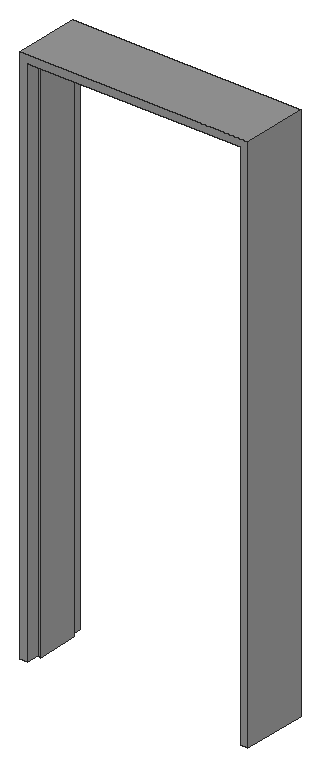
Revit family "J250DR813 (873x2082mm)", category Doors, host Wall, Revit 2013
Parameters (values of type "J250DR813 (873x2082mm)")
  Function = Interior
  Frame Projection Ext. = 25 mm
  Frame Projection Int. = 25 mm
  Frame Width = 75 mm
  Height = 2082 mm
  Wall Closure = By host
  Width = 873 mm
Reference planes
  plane 1: y = 0
  plane 2 "Center (Left/Right)": x = 0
  plane 3 "Left": x = -436.5
  plane 4 "Right": x = 436.5
  plane 5: z = 2082
  plane 6 "Exterior": y = 130
  plane 7 "Interior": y = -130
Forms (mm)
  Sweep 1, solid, material "Lauan, Meranti"
    path origin (0, 130, 0) x (1, 0, 0) y (0, 0, 1)
      loop
        line (436.5, 0) -> (436.5, 2082) -> (-436.5, 2082) -> (-436.5, 0)
    profile "Van Acht 250x42 Jambliner Profile : Van Acht 250x42 Jambliner Profile" origin (436.5, 130, 1041) x (-1, 0, 0) y (0, -1, 0)
      loop
        line (0, 5) -> (30, 5) -> (30, 50) -> (42, 50) -> (42, 210) -> (30, 210) -> (30, 255) -> (0, 255) -> (0, 5)
Lines and regions (mm)
  Opening 1
    outline origin (-3050, -130, 0) x (1, 0, 0) y (0, 0, 1)
      loop
        line (2613.5, 0) -> (3486.5, 0) -> (3486.5, 2082) -> (2613.5, 2082) -> (2613.5, 0)
  symbolic lines, style "Elevation Swing"
    curve 1: line (436.5, -130, 1041) -> (-436.5, -130, 2082)
    curve 2: line (436.5, -130, 1041) -> (-436.5, -130, 0)
  model lines
    curve 3: line (-406.5, 125, 0) -> (-406.5, 938, 0)
    curve 4: arc (-406.5, 938, 0) -> (168.378, 699.878, 0) -> (406.5, 125, 0) r 813
Text (mm)
  text "Exterior" at (-2295.016, 1099.543, 0), in view "Ref. Level"
  text "Exterior" at (0, 1615.38, 3698.081), in view "Left"
  text "Exterior" at (0, 1036.032, 3874.932), in view "Right"
Dimensions and locks
  equal spacing: plane 3 "Left", plane 2 "Center (Left/Right)", plane 4 "Right"
  "Width": plane 3 "Left" to plane 4 "Right"
  "Height": plane 5 to host wall
  equal spacing: host wall, curve 2, plane 5
  host wall to plane 5 = 2082 mm
  locked: plane 6 "Exterior" to host wall at 0
  locked: plane 7 "Interior" to host wall
  plane 3 "Left" to plane 4 "Right" = 873 mm
  aligned and locked: plane 3 "Left" to Opening 1 sketch curve
  aligned and locked: plane 5 to Opening 1 sketch curve  (x2)
  aligned and locked: Opening 1 sketch curve to plane 4 "Right"
  aligned and locked: Opening 1 sketch curve to level
  aligned and locked: plane 5 to curve 1
  aligned and locked: plane 3 "Left" to curve 2
  aligned and locked: plane 1 to host wall
  aligned and locked: plane 3 "Left" to curve 1
Automatic sketch dimensions
  plane 4 "Right" to Sweep 1 sketch curve = 0 mm
  Sweep 1 sketch curve to plane 5 = 0 mm
  plane 3 "Left" to Sweep 1 sketch curve = 0 mm
  Sweep 1 sketch curve to level = 0 mm  (x2)
  curve 2 to level = 0 mm
  plane 4 "Right" to curve 2 = 0 mm
  curve 3 to plane 3 "Left" = 30 mm
  curve 4 to host wall = 5 mm
  plane 4 "Right" to curve 4 = 30 mm
  curve 3 to curve 4 = 0 mm
